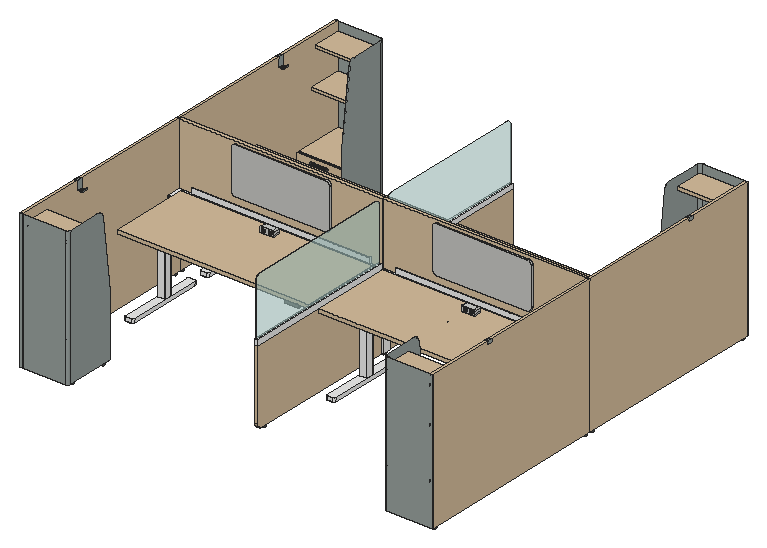
Revit family "Layout-Teknion-Expansion_Cityline_Height_Adjustable_Workstation_09-R2021", category Furniture Systems, Revit 2021 (continued)
Definition of nested family "Worksurface-Teknion-JNXRW_hiSpace_Rectangular_Worksurface_With_Quick_Connect_Kit-R2021"
  Types (10): name | Width Configuration Distance | Width | User Optimized Width (Accessory Restriction) | Standard Width | Standard | Square Cut-Out - Distance | SR - Square Cut-Out - Right | SL - Square Cut-Out - Left | SC - Square Cut-Out - Center | Node - Cut-Out Right | Node - Cut-Out Left | Node - Cut-Out Center | NN - None | Model | Masking Region - Standard Corner, DC | Masking Region - Curved Corner, SR | Masking Region - Curved Corner, SL | Masking Region - Curved Corner, SC | Masking Region - Curved Corner, NN | Masking Region - Curved Corner, DR | Masking Region - Curved Corner, DL | Masking Region - Curved Corner, CR | Masking Region - Curved Corner, CL | Grommet - Square Right | Grommet - Square Left | Grommet - Square Center | Description | DR - Diamond Cut-Out - Right | DL - Diamond Cut-Out - Left | DC - Diamond Cut-Out - Center | Cut-Out - Square Right | Cut-Out - Square Left | Cut-Out - Square Center | Cut-Out - Diamond Right | Cut-Out - Diamond Left | Cut-Out - Diamond Center | Curved | CR - Diamond & Square Cut-Outs - Right | CL - Diamond & Square Cut-Outs - Left | Available Width | Available Depth
    Diamond Cut-Out - Center | 1.110" | 52.000" | yes | no | yes | 15.553" | no | no | no | no | no | yes | no | "JNXRWCC____DC" | yes | no | no | no | no | no | no | no | no | no | no | no | "hiSpace Rectangular Worksurface With Quick Connect Kit - C-Legs Leg Application, Diamond Cut-Out - Center Cut-Out Style" | no | no | yes | 0.500" | 0.500" | 0.500" | 0.500" | 0.500" | 10.000" | no | no | no | "46, 52, 55, 58, 61, 64, 67 & 70 Inch" | "23 & 29 Inch"
    Diamond Cut-Out - Left | 4.110" | 52.000" | no | yes | no | 15.553" | no | no | no | no | yes | no | no | "JNXRWCC____DL" | no | no | no | no | no | no | yes | no | no | no | no | no | "hiSpace Rectangular Worksurface With Quick Connect Kit - C-Legs Leg Application, Diamond Cut-Out - Left Cut-Out Style" | no | yes | no | 0.500" | 0.500" | 0.500" | 0.500" | 10.000" | 0.500" | yes | no | no | "46, 49, 52, 55, 58, 61, 64, 67 & 70 Inch" | "23 & 29 Inch. Depth 23 Inch not Available for Width 46."
    Diamond Cut-Out - Right | 4.110" | 52.000" | no | yes | no | 15.553" | no | no | no | yes | no | no | no | "JNXRWCC____DR" | no | no | no | no | no | yes | no | no | no | no | no | no | "hiSpace Rectangular Worksurface With Quick Connect Kit - C-Legs Leg Application, Diamond Cut-Out - Right Cut-Out Style" | yes | no | no | 0.500" | 0.500" | 0.500" | 10.000" | 0.500" | 0.500" | yes | no | no | "46, 49, 52, 55, 58, 61, 64, 67 & 70 Inch" | "23 & 29 Inch. Depth 23 Inch not Available for Width 46."
    None Cut-Out | 4.110" | 52.000" | no | yes | no | 15.553" | no | no | no | no | no | no | yes | "JNXRWCC____NN" | no | no | no | no | yes | no | no | no | no | no | no | no | "hiSpace Rectangular Worksurface With Quick Connect Kit - C-Legs Leg Application, None Cut-Out Style" | no | no | no | 0.500" | 0.500" | 0.500" | 0.500" | 0.500" | 0.500" | yes | no | no | "46, 49, 52, 55, 58, 61, 64, 67 & 70 Inch" | "23 & 29 Inch"
    Square Cut-Out - Center | 4.110" | 52.000" | no | yes | no | 15.553" | no | no | yes | no | no | yes | no | "JNXRWCC____SC" | no | no | no | yes | no | no | no | no | no | no | no | yes | "hiSpace Rectangular Worksurface With Quick Connect Kit - C-Legs Leg Application, Square Cut-Out - Center Cut-Out Style" | no | no | no | 0.500" | 0.500" | 10.000" | 0.500" | 0.500" | 0.500" | yes | no | no | "46, 49, 52, 55, 58, 61, 64, 67 & 70 Inch" | "23 & 29 Inch"
    Square Cut-Out - Left | 4.110" | 46.000" | no | yes | no | 14.053" | no | yes | no | no | yes | no | no | "JNXRWCC____SL" | no | no | yes | no | no | no | no | no | no | no | yes | no | "hiSpace Rectangular Worksurface With Quick Connect Kit - C-Legs Leg Application, Square Cut-Out - Left Cut-Out Style" | no | no | no | 0.500" | 10.000" | 0.500" | 0.500" | 0.500" | 0.500" | yes | no | no | "46, 49, 52, 55, 58, 61, 64, 67 & 70 Inch" | "23 & 29 Inch"
    Square Cut-Out - Right | 4.110" | 52.000" | no | yes | no | 15.553" | yes | no | no | yes | no | no | no | "JNXRWCC____SR" | no | yes | no | no | no | no | no | no | no | yes | no | no | "hiSpace Rectangular Worksurface With Quick Connect Kit - C-Legs Leg Application, Square Cut-Out - Right Cut-Out Style" | no | no | no | 10.000" | 0.500" | 0.500" | 0.500" | 0.500" | 0.500" | yes | no | no | "46, 49, 52, 55, 58, 61, 64, 67 & 70 Inch" | "23 & 29 Inch"
  Reference planes (in)
    plane 1 "Center Front/Back": y = 0
    plane 2: z = 0
    plane 3 "Center Left/Right": x = 0
    plane 4 "Left": x = -26
    plane 5 "Right": x = 26
    plane 6 "Back": y = 11.5
    plane 7 "Front": y = -11.5
    plane 8 "Top": z = 29
    plane 9: x = -21.89
    plane 10: x = 21.89
    plane 11: z = 27.81102
  Forms (in)
    Sweep 1, solid, material <- "Worksurface Finish", visible <- "Standard"
      path origin (0, 0, 0) x (1, 0, 0) y (0, 0, 1)
        loop
          line (0, 29) -> (0, 27.81102)
      profile origin (0, 0, 28.40551) x (0, -1, 0) y (1, 0, 0)
        loop
          line (-11.5, -26) -> (11.5, -26) -> (11.5, 26) -> (-11.5, 26) -> (-11.5, -26)
    Sweep 2, solid, material <- "Frame Finish"
      path origin (0, 0, 0) x (1, 0, 0) y (0, 1, 0)
        loop
          line (20.55118, 0) -> (-20.55118, 0)
      profile origin (0, 0, 0) x (0, -1, 0) y (0, 0, 1)
        loop
          line (1.34638, 27.69291) -> (2.09441, 27.69291) -> (2.09441, 27.81102) -> (1.22827, 27.81102) -> (1.22827, 26.70866) -> (1.34638, 26.70866) -> (1.34638, 27.69291)
        loop
          line (-5.10638, 26.70866) -> (-4.98827, 26.70866) -> (-4.98827, 27.81102) -> (-5.85441, 27.81102) -> (-5.85441, 27.69291) -> (-5.10638, 27.69291) -> (-5.10638, 26.70866)
    Sweep 3, solid, material <- "Frame Finish"
      path origin (0, 0, 0) x (1, 0, 0) y (0, 1, 0)
        loop
          line (0, 9.75402) -> (0, -5.99402)
      profile origin (0, 1.88, 0) x (1, 0, 0) y (0, 0, 1)
        loop
          line (-21.77189, 27.69291) -> (-20.61047, 27.69291) -> (-20.61047, 27.81102) -> (-21.89, 27.81102) -> (-21.89, 26.59055) -> (-21.77189, 26.59055) -> (-21.77189, 27.69291)
        loop
          line (21.77189, 27.69291) -> (21.77189, 26.59055) -> (21.89, 26.59055) -> (21.89, 27.81102) -> (20.61047, 27.81102) -> (20.61047, 27.69291) -> (21.77189, 27.69291)
    Sweep 4, solid, material <- "Frame Finish"
      path origin (0, 0, 0) x (1, 0, 0) y (0, 1, 0)
        loop
          line (-9.17346, 0) -> (-20.61047, 0)
      profile origin (-14.89197, 0, 0) x (0, -1, 0) y (0, 0, 1)
        loop
          line (0.03929, 26.62205) -> (1.22827, 26.62205) -> (1.22827, 27.81102) -> (0.03929, 27.81102) -> (0.03929, 26.62205)
        loop
          line (-4.98827, 26.62205) -> (-3.79929, 26.62205) -> (-3.79929, 27.81102) -> (-4.98827, 27.81102) -> (-4.98827, 26.62205)
    Sweep 5, solid, material <- "Frame Finish"
      path origin (0, 0, 0) x (1, 0, 0) y (0, 1, 0)
        loop
          line (9.17346, 0) -> (20.61047, 0)
      profile origin (14.89197, 0, 0) x (0, 1, 0) y (0, 0, 1)
        loop
          line (-0.03929, 26.62205) -> (-0.03929, 27.81102) -> (-1.22827, 27.81102) -> (-1.22827, 26.62205) -> (-0.03929, 26.62205)
        loop
          line (3.79929, 26.62205) -> (4.98827, 26.62205) -> (4.98827, 27.81102) -> (3.79929, 27.81102) -> (3.79929, 26.62205)
    Sweep 6, solid, material <- "Frame Finish"
      path origin (0, 0, 0) x (1, 0, 0) y (0, 0, 1)
        loop
          line (0, 27.69291) -> (0, 27.81102)
      profile origin (0, 0, 27.75197) x (-1, 0, 0) y (0, -1, 0)
        loop
          line (11.92937, -3.79929) -> (11.92937, 0.03929) -> (10.74827, 0.03929) -> (10.74827, -0.80414)
          arc (10.74827, -0.80414) -> (11.31913, -1.88) -> (10.74827, -2.95586) r 1.29921
          line (10.74827, -2.95586) -> (10.74827, -3.79929) -> (11.92937, -3.79929)
        loop
          line (-11.92937, 0.03929) -> (-11.92937, -3.79929) -> (-10.74827, -3.79929) -> (-10.74827, -2.95586)
          arc (-10.74827, -2.95586) -> (-11.31913, -1.88) -> (-10.74827, -0.80414) r 1.29921
          line (-10.74827, -0.80414) -> (-10.74827, 0.03929) -> (-11.92937, 0.03929)
    Sweep 7, solid, material <- "Worksurface Finish", visible <- "Curved"
      path origin (0, 0, 0) x (1, 0, 0) y (0, 0, 1)
        loop
          line (0, 29) -> (0, 27.81102)
      profile origin (0, 0, 28.40551) x (0, -1, 0) y (1, 0, 0)
        loop
          line (-8.62598, -26) -> (8.62598, -26)
          arc (8.62598, -26) -> (10.65822, -25.15822) -> (11.5, -23.12598) r 2.87402
          line (11.5, -23.12598) -> (11.5, 23.12598)
          arc (11.5, 23.12598) -> (10.65822, 25.15822) -> (8.62598, 26) r 2.87402
          line (8.62598, 26) -> (-8.62598, 26)
          arc (-8.62598, 26) -> (-10.65822, 25.15822) -> (-11.5, 23.12598) r 2.87402
          line (-11.5, 23.12598) -> (-11.5, -23.12598)
          arc (-11.5, -23.12598) -> (-10.65822, -25.15822) -> (-8.62598, -26) r 2.87402
    Sweep 8, void
      path origin (0, 0, 0) x (1, 0, 0) y (0, 0, 1)
        loop
          line (0, 33) -> (0, 32.5)
      profile origin (0, 0, 32.75) x (0, -1, 0) y (1, 0, 0)
        loop
          arc (-8.58465, 10.447) -> (-8.83965, 10.34137) -> (-8.94528, 10.08637) r 0.36063
          line (-8.94528, 10.08637) -> (-8.94528, 8.91314)
          arc (-8.94528, 8.91314) -> (-8.83965, 8.65814) -> (-8.58465, 8.55251) r 0.36063
          line (-8.58465, 8.55251) -> (-7.41142, 8.55251)
          arc (-7.41142, 8.55251) -> (-7.15641, 8.65814) -> (-7.05079, 8.91314) r 0.36063
          line (-7.05079, 8.91314) -> (-7.05079, 10.08637)
          arc (-7.05079, 10.08637) -> (-7.15641, 10.34137) -> (-7.41142, 10.447) r 0.36063
          line (-7.41142, 10.447) -> (-8.58465, 10.447)
    Sweep 9, void
      path origin (0, 0, 0) x (1, 0, 0) y (0, 0, 1)
        loop
          line (0, 33) -> (0, 23)
      profile origin (0, 0, 28) x (0, -1, 0) y (1, 0, 0)
        loop
          line (-7.41142, -8.55251) -> (-8.58465, -8.55251)
          arc (-8.58465, -8.55251) -> (-8.83965, -8.65814) -> (-8.94528, -8.91314) r 0.36063
          line (-8.94528, -8.91314) -> (-8.94528, -10.08637)
          arc (-8.94528, -10.08637) -> (-8.83965, -10.34137) -> (-8.58465, -10.447) r 0.36063
          line (-8.58465, -10.447) -> (-7.41142, -10.447)
          arc (-7.41142, -10.447) -> (-7.15641, -10.34137) -> (-7.05079, -10.08637) r 0.36063
          line (-7.05079, -10.08637) -> (-7.05079, -8.91314)
          arc (-7.05079, -8.91314) -> (-7.15641, -8.65814) -> (-7.41142, -8.55251) r 0.36063
    Sweep 10, void
      path origin (0, 0, 0) x (1, 0, 0) y (0, 0, 1)
        loop
          line (0, 33) -> (0, 32.5)
      profile origin (0, 0, 32.75) x (0, -1, 0) y (1, 0, 0)
        loop
          arc (-8.58465, 0.94724) -> (-8.83965, 0.84162) -> (-8.94528, 0.58661) r 0.36063
          line (-8.94528, 0.58661) -> (-8.94528, -0.58661)
          arc (-8.94528, -0.58661) -> (-8.83965, -0.84162) -> (-8.58465, -0.94724) r 0.36063
          line (-8.58465, -0.94724) -> (-7.41142, -0.94724)
          arc (-7.41142, -0.94724) -> (-7.15641, -0.84162) -> (-7.05079, -0.58661) r 0.36063
          line (-7.05079, -0.58661) -> (-7.05079, 0.58661)
          arc (-7.05079, 0.58661) -> (-7.15641, 0.84162) -> (-7.41142, 0.94724) r 0.36063
          line (-7.41142, 0.94724) -> (-8.58465, 0.94724)
    Sweep 11, solid, visible <- "Grommet - Square Center"
      path origin (0, 0, 0) x (1, 0, 0) y (0, 0, 1)
        loop
          line (0, 29) -> (0, 27.44488)
      profile origin (0, 0, 28.22244) x (0, -1, 0) y (1, 0, 0)
        loop
          arc (-8.87441, -0.58661) -> (-8.78954, -0.79151) -> (-8.58465, -0.87638) r 0.28976
          line (-8.58465, -0.87638) -> (-7.41142, -0.87638)
          arc (-7.41142, -0.87638) -> (-7.20652, -0.79151) -> (-7.12165, -0.58661) r 0.28976
          line (-7.12165, -0.58661) -> (-7.12165, 0.58661)
          arc (-7.12165, 0.58661) -> (-7.20652, 0.79151) -> (-7.41142, 0.87638) r 0.28976
          line (-7.41142, 0.87638) -> (-8.58465, 0.87638)
          arc (-8.58465, 0.87638) -> (-8.78954, 0.79151) -> (-8.87441, 0.58661) r 0.28976
          line (-8.87441, 0.58661) -> (-8.87441, -0.58661)
        loop
          arc (-8.94528, -0.58661) -> (-8.83965, -0.84162) -> (-8.58465, -0.94724) r 0.36063
          line (-8.58465, -0.94724) -> (-7.41142, -0.94724)
          arc (-7.41142, -0.94724) -> (-7.15641, -0.84162) -> (-7.05079, -0.58661) r 0.36063
          line (-7.05079, -0.58661) -> (-7.05079, 0.58661)
          arc (-7.05079, 0.58661) -> (-7.15641, 0.84162) -> (-7.41142, 0.94724) r 0.36063
          line (-7.41142, 0.94724) -> (-8.58465, 0.94724)
          arc (-8.58465, 0.94724) -> (-8.83965, 0.84162) -> (-8.94528, 0.58661) r 0.36063
          line (-8.94528, 0.58661) -> (-8.94528, -0.58661)
    Sweep 12, solid, visible <- "Grommet - Square Right"
      path origin (0, 0, 0) x (1, 0, 0) y (0, 0, 1)
        loop
          line (26, 27.44488) -> (26, 29)
      profile origin (26, 0, 28.22244) x (-1, 0, 0) y (0, -1, 0)
        loop
          arc (17.08686, -8.87441) -> (17.29175, -8.78954) -> (17.37662, -8.58465) r 0.28976
          line (17.37662, -8.58465) -> (17.37662, -7.41142)
          arc (17.37662, -7.41142) -> (17.29175, -7.20652) -> (17.08686, -7.12165) r 0.28976
          line (17.08686, -7.12165) -> (15.91363, -7.12165)
          arc (15.91363, -7.12165) -> (15.70874, -7.20652) -> (15.62387, -7.41142) r 0.28976
          line (15.62387, -7.41142) -> (15.62387, -8.58465)
          arc (15.62387, -8.58465) -> (15.70874, -8.78954) -> (15.91363, -8.87441) r 0.28976
          line (15.91363, -8.87441) -> (17.08686, -8.87441)
        loop
          line (15.91363, -8.94528) -> (17.08686, -8.94528)
          arc (17.08686, -8.94528) -> (17.34186, -8.83965) -> (17.44749, -8.58465) r 0.36063
          line (17.44749, -8.58465) -> (17.44749, -7.41142)
          arc (17.44749, -7.41142) -> (17.34186, -7.15641) -> (17.08686, -7.05079) r 0.36063
          line (17.08686, -7.05079) -> (15.91363, -7.05079)
          arc (15.91363, -7.05079) -> (15.65863, -7.15641) -> (15.553, -7.41142) r 0.36063
          line (15.553, -7.41142) -> (15.553, -8.58465)
          arc (15.553, -8.58465) -> (15.65863, -8.83965) -> (15.91363, -8.94528) r 0.36063
    Sweep 13, solid, visible <- "Grommet - Square Left"
      path origin (0, 0, 0) x (1, 0, 0) y (0, 0, 1)
        loop
          line (-26, 27.44488) -> (-26, 29)
      profile origin (-26, 0, 28.22244) x (-1, 0, 0) y (0, -1, 0)
        loop
          arc (-15.91363, -8.87441) -> (-15.70874, -8.78954) -> (-15.62387, -8.58465) r 0.28976
          line (-15.62387, -8.58465) -> (-15.62387, -7.41142)
          arc (-15.62387, -7.41142) -> (-15.70874, -7.20652) -> (-15.91363, -7.12165) r 0.28976
          line (-15.91363, -7.12165) -> (-17.08686, -7.12165)
          arc (-17.08686, -7.12165) -> (-17.29175, -7.20652) -> (-17.37662, -7.41142) r 0.28976
          line (-17.37662, -7.41142) -> (-17.37662, -8.58465)
          arc (-17.37662, -8.58465) -> (-17.29175, -8.78954) -> (-17.08686, -8.87441) r 0.28976
          line (-17.08686, -8.87441) -> (-15.91363, -8.87441)
        loop
          line (-17.08686, -8.94528) -> (-15.91363, -8.94528)
          arc (-15.91363, -8.94528) -> (-15.65863, -8.83965) -> (-15.553, -8.58465) r 0.36063
          line (-15.553, -8.58465) -> (-15.553, -7.41142)
          arc (-15.553, -7.41142) -> (-15.65863, -7.15641) -> (-15.91363, -7.05079) r 0.36063
          line (-15.91363, -7.05079) -> (-17.08686, -7.05079)
          arc (-17.08686, -7.05079) -> (-17.34186, -7.15641) -> (-17.44749, -7.41142) r 0.36063
          line (-17.44749, -7.41142) -> (-17.44749, -8.58465)
          arc (-17.44749, -8.58465) -> (-17.34186, -8.83965) -> (-17.08686, -8.94528) r 0.36063
    Sweep 14, void
      path origin (0, 0, 0) x (1, 0, 0) y (0, 0, 1)
        loop
          line (0, 34) -> (0, 24)
      profile origin (0, 0, 29) x (0, -1, 0) y (1, 0, 0)
        loop
          arc (-9.02424, 0.29194) -> (-9.06496, 0) -> (-9.02424, -0.29194) r 1.06693
          line (-9.02424, -0.29194) -> (-8.49788, -2.1422)
          arc (-8.49788, -2.1422) -> (-7.99803, -2.51969) -> (-7.49818, -2.1422) r 0.51969
          line (-7.49818, -2.1422) -> (-6.97182, -0.29194)
          arc (-6.97182, -0.29194) -> (-6.9311, 0) -> (-6.97182, 0.29194) r 1.06693
          line (-6.97182, 0.29194) -> (-7.49818, 2.1422)
          arc (-7.49818, 2.1422) -> (-7.99803, 2.51969) -> (-8.49788, 2.1422) r 0.51969
          line (-8.49788, 2.1422) -> (-9.02424, 0.29194)
    Sweep 15, void
      path origin (0, 0, 0) x (1, 0, 0) y (0, 0, 1)
        loop
          line (0, 34) -> (0, 33.5)
      profile origin (0, 0, 33.75) x (0, -1, 0) y (1, 0, 0)
        loop
          line (-9.02424, -9.79174) -> (-8.49788, -11.642)
          arc (-8.49788, -11.642) -> (-7.99803, -12.01949) -> (-7.49818, -11.642) r 0.51969
          line (-7.49818, -11.642) -> (-6.97182, -9.79174)
          arc (-6.97182, -9.79174) -> (-6.9311, -9.4998) -> (-6.97182, -9.20787) r 1.06693
          line (-6.97182, -9.20787) -> (-7.49818, -7.35761)
          arc (-7.49818, -7.35761) -> (-7.99803, -6.98012) -> (-8.49788, -7.35761) r 0.51969
          line (-8.49788, -7.35761) -> (-9.02424, -9.20787)
          arc (-9.02424, -9.20787) -> (-9.06496, -9.4998) -> (-9.02424, -9.79174) r 1.06693
    Sweep 16, void
      path origin (0, 0, 0) x (1, 0, 0) y (0, 0, 1)
        loop
          line (0, 34) -> (0, 33.5)
      profile origin (0, 0, 33.75) x (0, -1, 0) y (1, 0, 0)
        loop
          arc (-9.02424, 9.79174) -> (-9.06496, 9.4998) -> (-9.02424, 9.20787) r 1.06693
          line (-9.02424, 9.20787) -> (-8.49788, 7.35761)
          arc (-8.49788, 7.35761) -> (-7.99803, 6.98012) -> (-7.49818, 7.35761) r 0.51969
          line (-7.49818, 7.35761) -> (-6.97182, 9.20787)
          arc (-6.97182, 9.20787) -> (-6.9311, 9.4998) -> (-6.97182, 9.79174) r 1.06693
          line (-6.97182, 9.79174) -> (-7.49818, 11.642)
          arc (-7.49818, 11.642) -> (-7.99803, 12.01949) -> (-8.49788, 11.642) r 0.51969
          line (-8.49788, 11.642) -> (-9.02424, 9.79174)
  Cuts and joins
    Sweep 8, Sweep 9, Sweep 10, Sweep 14, Sweep 15, Sweep 16 cuts Sweep 7
    Sweep 8, Sweep 9, Sweep 10, Sweep 14, Sweep 15, Sweep 16 cuts Sweep 1
  Lines and regions (in)
    Masking region 1, visible <- "Masking Region - Standard Corner, NN"
      outline origin (0, 0, 0) x (1, 0, 0) y (0, 1, 0)
        loop
          line (26, 11.5) -> (-26, 11.5) -> (-26, -11.5) -> (26, -11.5) -> (26, 11.5)
    Masking region 2, visible <- "Masking Region - Curved Corner, NN"
      outline origin (0, 0, 0) x (1, 0, 0) y (0, 1, 0)
        loop
          arc (-23.12598, 11.5) -> (-25.15822, 10.65822) -> (-26, 8.62598) r 2.87402
          line (-26, 8.62598) -> (-26, -8.62598)
          arc (-26, -8.62598) -> (-25.15822, -10.65822) -> (-23.12598, -11.5) r 2.87402
          line (-23.12598, -11.5) -> (23.12598, -11.5)
          arc (23.12598, -11.5) -> (25.15822, -10.65822) -> (26, -8.62598) r 2.87402
          line (26, -8.62598) -> (26, 8.62598)
          arc (26, 8.62598) -> (25.15822, 10.65822) -> (23.12598, 11.5) r 2.87402
          line (23.12598, 11.5) -> (-23.12598, 11.5)
    Masking region 3, visible <- "Masking Region - Standard Corner, SC"
      outline origin (0, 0, 0) x (1, 0, 0) y (0, 1, 0)
        loop
          line (26, 11.5) -> (-26, 11.5) -> (-26, -11.5) -> (26, -11.5) -> (26, 11.5)
        loop
          arc (-0.58661, 8.87441) -> (-0.79151, 8.78954) -> (-0.87638, 8.58465) r 0.28976
          line (-0.87638, 8.58465) -> (-0.87638, 7.41142)
          arc (-0.87638, 7.41142) -> (-0.79151, 7.20652) -> (-0.58661, 7.12165) r 0.28976
          line (-0.58661, 7.12165) -> (0.58661, 7.12165)
          arc (0.58661, 7.12165) -> (0.79151, 7.20652) -> (0.87638, 7.41142) r 0.28976
          line (0.87638, 7.41142) -> (0.87638, 8.58465)
          arc (0.87638, 8.58465) -> (0.79151, 8.78954) -> (0.58661, 8.87441) r 0.28976
          line (0.58661, 8.87441) -> (-0.58661, 8.87441)
    Masking region 4, visible <- "Masking Region - Curved Corner, SC"
      outline origin (0, 0, 0) x (1, 0, 0) y (0, 1, 0)
        loop
          arc (-23.12598, 11.5) -> (-25.15822, 10.65822) -> (-26, 8.62598) r 2.87402
          line (-26, 8.62598) -> (-26, -8.62598)
          arc (-26, -8.62598) -> (-25.15822, -10.65822) -> (-23.12598, -11.5) r 2.87402
          line (-23.12598, -11.5) -> (23.12598, -11.5)
          arc (23.12598, -11.5) -> (25.15822, -10.65822) -> (26, -8.62598) r 2.87402
          line (26, -8.62598) -> (26, 8.62598)
          arc (26, 8.62598) -> (25.15822, 10.65822) -> (23.12598, 11.5) r 2.87402
          line (23.12598, 11.5) -> (-23.12598, 11.5)
        loop
          arc (-0.58661, 8.87441) -> (-0.79151, 8.78954) -> (-0.87638, 8.58465) r 0.28976
          line (-0.87638, 8.58465) -> (-0.87638, 7.41142)
          arc (-0.87638, 7.41142) -> (-0.79151, 7.20652) -> (-0.58661, 7.12165) r 0.28976
          line (-0.58661, 7.12165) -> (0.58661, 7.12165)
          arc (0.58661, 7.12165) -> (0.79151, 7.20652) -> (0.87638, 7.41142) r 0.28976
          line (0.87638, 7.41142) -> (0.87638, 8.58465)
          arc (0.87638, 8.58465) -> (0.79151, 8.78954) -> (0.58661, 8.87441) r 0.28976
          line (0.58661, 8.87441) -> (-0.58661, 8.87441)
    Masking region 5, visible <- "Masking Region - Standard Corner, SL"
      outline origin (0, 0, 0) x (1, 0, 0) y (0, 1, 0)
        loop
          line (26, 11.5) -> (-26, 11.5) -> (-26, -11.5) -> (26, -11.5) -> (26, 11.5)
        loop
          arc (-10.08637, 8.87441) -> (-10.29126, 8.78954) -> (-10.37613, 8.58465) r 0.28976
          line (-10.37613, 8.58465) -> (-10.37613, 7.41142)
          arc (-10.37613, 7.41142) -> (-10.29126, 7.20652) -> (-10.08637, 7.12165) r 0.28976
          line (-10.08637, 7.12165) -> (-8.91314, 7.12165)
          arc (-8.91314, 7.12165) -> (-8.70825, 7.20652) -> (-8.62338, 7.41142) r 0.28976
          line (-8.62338, 7.41142) -> (-8.62338, 8.58465)
          arc (-8.62338, 8.58465) -> (-8.70825, 8.78954) -> (-8.91314, 8.87441) r 0.28976
          line (-8.91314, 8.87441) -> (-10.08637, 8.87441)
    Masking region 6, visible <- "Masking Region - Curved Corner, SL"
      outline origin (0, 0, 0) x (1, 0, 0) y (0, 1, 0)
        loop
          arc (-23.12598, 11.5) -> (-25.15822, 10.65822) -> (-26, 8.62598) r 2.87402
          line (-26, 8.62598) -> (-26, -8.62598)
          arc (-26, -8.62598) -> (-25.15822, -10.65822) -> (-23.12598, -11.5) r 2.87402
          line (-23.12598, -11.5) -> (23.12598, -11.5)
          arc (23.12598, -11.5) -> (25.15822, -10.65822) -> (26, -8.62598) r 2.87402
          line (26, -8.62598) -> (26, 8.62598)
          arc (26, 8.62598) -> (25.15822, 10.65822) -> (23.12598, 11.5) r 2.87402
          line (23.12598, 11.5) -> (-23.12598, 11.5)
        loop
          arc (-10.08637, 8.87441) -> (-10.29126, 8.78954) -> (-10.37613, 8.58465) r 0.28976
          line (-10.37613, 8.58465) -> (-10.37613, 7.41142)
          arc (-10.37613, 7.41142) -> (-10.29126, 7.20652) -> (-10.08637, 7.12165) r 0.28976
          line (-10.08637, 7.12165) -> (-8.91314, 7.12165)
          arc (-8.91314, 7.12165) -> (-8.70825, 7.20652) -> (-8.62338, 7.41142) r 0.28976
          line (-8.62338, 7.41142) -> (-8.62338, 8.58465)
          arc (-8.62338, 8.58465) -> (-8.70825, 8.78954) -> (-8.91314, 8.87441) r 0.28976
          line (-8.91314, 8.87441) -> (-10.08637, 8.87441)
    Masking region 7, visible <- "Masking Region - Standard Corner, SR"
      outline origin (0, 0, 0) x (1, 0, 0) y (0, 1, 0)
        loop
          line (26, 11.5) -> (-26, 11.5) -> (-26, -11.5) -> (26, -11.5) -> (26, 11.5)
        loop
          arc (8.91314, 8.87441) -> (8.70825, 8.78954) -> (8.62338, 8.58465) r 0.28976
          line (8.62338, 8.58465) -> (8.62338, 7.41142)
          arc (8.62338, 7.41142) -> (8.70825, 7.20652) -> (8.91314, 7.12165) r 0.28976
          line (8.91314, 7.12165) -> (10.08637, 7.12165)
          arc (10.08637, 7.12165) -> (10.29126, 7.20652) -> (10.37613, 7.41142) r 0.28976
          line (10.37613, 7.41142) -> (10.37613, 8.58465)
          arc (10.37613, 8.58465) -> (10.29126, 8.78954) -> (10.08637, 8.87441) r 0.28976
          line (10.08637, 8.87441) -> (8.91314, 8.87441)
    Masking region 8, visible <- "Masking Region - Curved Corner, SR"
      outline origin (0, 0, 0) x (1, 0, 0) y (0, 1, 0)
        loop
          arc (-23.12598, 11.5) -> (-25.15822, 10.65822) -> (-26, 8.62598) r 2.87402
          line (-26, 8.62598) -> (-26, -8.62598)
          arc (-26, -8.62598) -> (-25.15822, -10.65822) -> (-23.12598, -11.5) r 2.87402
          line (-23.12598, -11.5) -> (23.12598, -11.5)
          arc (23.12598, -11.5) -> (25.15822, -10.65822) -> (26, -8.62598) r 2.87402
          line (26, -8.62598) -> (26, 8.62598)
          arc (26, 8.62598) -> (25.15822, 10.65822) -> (23.12598, 11.5) r 2.87402
          line (23.12598, 11.5) -> (-23.12598, 11.5)
        loop
          arc (8.91314, 8.87441) -> (8.70825, 8.78954) -> (8.62338, 8.58465) r 0.28976
          line (8.62338, 8.58465) -> (8.62338, 7.41142)
          arc (8.62338, 7.41142) -> (8.70825, 7.20652) -> (8.91314, 7.12165) r 0.28976
          line (8.91314, 7.12165) -> (10.08637, 7.12165)
          arc (10.08637, 7.12165) -> (10.29126, 7.20652) -> (10.37613, 7.41142) r 0.28976
          line (10.37613, 7.41142) -> (10.37613, 8.58465)
          arc (10.37613, 8.58465) -> (10.29126, 8.78954) -> (10.08637, 8.87441) r 0.28976
          line (10.08637, 8.87441) -> (8.91314, 8.87441)
    Masking region 9, visible <- "Masking Region - Standard Corner, DC"
      outline origin (0, 0, 0) x (1, 0, 0) y (0, 1, 0)
        loop
          line (26, 11.5) -> (-26, 11.5) -> (-26, -11.5) -> (26, -11.5) -> (26, 11.5)
        loop
          line (-0.29194, 9.02424) -> (-2.1422, 8.49788)
          arc (-2.1422, 8.49788) -> (-2.51969, 7.99803) -> (-2.1422, 7.49818) r 0.51969
          line (-2.1422, 7.49818) -> (-0.29194, 6.97182)
          arc (-0.29194, 6.97182) -> (0, 6.9311) -> (0.29194, 6.97182) r 1.06693
          line (0.29194, 6.97182) -> (2.1422, 7.49818)
          arc (2.1422, 7.49818) -> (2.51969, 7.99803) -> (2.1422, 8.49788) r 0.51969
          line (2.1422, 8.49788) -> (0.29194, 9.02424)
          arc (0.29194, 9.02424) -> (0, 9.06496) -> (-0.29194, 9.02424) r 1.06693
    Masking region 10, visible <- "Masking Region - Curved Corner, DC"
      outline origin (0, 0, 0) x (1, 0, 0) y (0, 1, 0)
        loop
          arc (-23.12598, 11.5) -> (-25.15822, 10.65822) -> (-26, 8.62598) r 2.87402
          line (-26, 8.62598) -> (-26, -8.62598)
          arc (-26, -8.62598) -> (-25.15822, -10.65822) -> (-23.12598, -11.5) r 2.87402
          line (-23.12598, -11.5) -> (23.12598, -11.5)
          arc (23.12598, -11.5) -> (25.15822, -10.65822) -> (26, -8.62598) r 2.87402
          line (26, -8.62598) -> (26, 8.62598)
          arc (26, 8.62598) -> (25.15822, 10.65822) -> (23.12598, 11.5) r 2.87402
          line (23.12598, 11.5) -> (-23.12598, 11.5)
        loop
          line (-2.1422, 7.49818) -> (-0.29194, 6.97182)
          arc (-0.29194, 6.97182) -> (0, 6.9311) -> (0.29194, 6.97182) r 1.06693
          line (0.29194, 6.97182) -> (2.1422, 7.49818)
          arc (2.1422, 7.49818) -> (2.51969, 7.99803) -> (2.1422, 8.49788) r 0.51969
          line (2.1422, 8.49788) -> (0.29194, 9.02424)
          arc (0.29194, 9.02424) -> (0, 9.06496) -> (-0.29194, 9.02424) r 1.06693
          line (-0.29194, 9.02424) -> (-2.1422, 8.49788)
          arc (-2.1422, 8.49788) -> (-2.51969, 7.99803) -> (-2.1422, 7.49818) r 0.51969
    Masking region 11, visible <- "Masking Region - Standard Corner, DL"
      outline origin (0, 0, 0) x (1, 0, 0) y (0, 1, 0)
        loop
          line (26, 11.5) -> (-26, 11.5) -> (-26, -11.5) -> (26, -11.5) -> (26, 11.5)
        loop
          line (-9.79174, 9.02424) -> (-11.642, 8.49788)
          arc (-11.642, 8.49788) -> (-12.01949, 7.99803) -> (-11.642, 7.49818) r 0.51969
          line (-11.642, 7.49818) -> (-9.79174, 6.97182)
          arc (-9.79174, 6.97182) -> (-9.4998, 6.9311) -> (-9.20787, 6.97182) r 1.06693
          line (-9.20787, 6.97182) -> (-7.35761, 7.49818)
          arc (-7.35761, 7.49818) -> (-6.98012, 7.99803) -> (-7.35761, 8.49788) r 0.51969
          line (-7.35761, 8.49788) -> (-9.20787, 9.02424)
          arc (-9.20787, 9.02424) -> (-9.4998, 9.06496) -> (-9.79174, 9.02424) r 1.06693
    Masking region 12, visible <- "Masking Region - Curved Corner, DL"
      outline origin (0, 0, 0) x (1, 0, 0) y (0, 1, 0)
        loop
          arc (-23.12598, 11.5) -> (-25.15822, 10.65822) -> (-26, 8.62598) r 2.87402
          line (-26, 8.62598) -> (-26, -8.62598)
          arc (-26, -8.62598) -> (-25.15822, -10.65822) -> (-23.12598, -11.5) r 2.87402
          line (-23.12598, -11.5) -> (23.12598, -11.5)
          arc (23.12598, -11.5) -> (25.15822, -10.65822) -> (26, -8.62598) r 2.87402
          line (26, -8.62598) -> (26, 8.62598)
          arc (26, 8.62598) -> (25.15822, 10.65822) -> (23.12598, 11.5) r 2.87402
          line (23.12598, 11.5) -> (-23.12598, 11.5)
        loop
          line (-9.79174, 9.02424) -> (-11.642, 8.49788)
          arc (-11.642, 8.49788) -> (-12.01949, 7.99803) -> (-11.642, 7.49818) r 0.51969
          line (-11.642, 7.49818) -> (-9.79174, 6.97182)
          arc (-9.79174, 6.97182) -> (-9.4998, 6.9311) -> (-9.20787, 6.97182) r 1.06693
          line (-9.20787, 6.97182) -> (-7.35761, 7.49818)
          arc (-7.35761, 7.49818) -> (-6.98012, 7.99803) -> (-7.35761, 8.49788) r 0.51969
          line (-7.35761, 8.49788) -> (-9.20787, 9.02424)
          arc (-9.20787, 9.02424) -> (-9.4998, 9.06496) -> (-9.79174, 9.02424) r 1.06693
    Masking region 13, visible <- "Masking Region - Standard Corner, DR"
      outline origin (0, 0, 0) x (1, 0, 0) y (0, 1, 0)
        loop
          line (26, 11.5) -> (-26, 11.5) -> (-26, -11.5) -> (26, -11.5) -> (26, 11.5)
        loop
          line (9.79174, 6.97182) -> (11.642, 7.49818)
          arc (11.642, 7.49818) -> (12.01949, 7.99803) -> (11.642, 8.49788) r 0.51969
          line (11.642, 8.49788) -> (9.79174, 9.02424)
          arc (9.79174, 9.02424) -> (9.4998, 9.06496) -> (9.20787, 9.02424) r 1.06693
          line (9.20787, 9.02424) -> (7.35761, 8.49788)
          arc (7.35761, 8.49788) -> (6.98012, 7.99803) -> (7.35761, 7.49818) r 0.51969
          line (7.35761, 7.49818) -> (9.20787, 6.97182)
          arc (9.20787, 6.97182) -> (9.4998, 6.9311) -> (9.79174, 6.97182) r 1.06693
    Masking region 14, visible <- "Masking Region - Curved Corner, DR"
      outline origin (0, 0, 0) x (1, 0, 0) y (0, 1, 0)
        loop
          arc (26, 8.62598) -> (25.15822, 10.65822) -> (23.12598, 11.5) r 2.87402
          line (23.12598, 11.5) -> (-23.12598, 11.5)
          arc (-23.12598, 11.5) -> (-25.15822, 10.65822) -> (-26, 8.62598) r 2.87402
          line (-26, 8.62598) -> (-26, -8.62598)
          arc (-26, -8.62598) -> (-25.15822, -10.65822) -> (-23.12598, -11.5) r 2.87402
          line (-23.12598, -11.5) -> (23.12598, -11.5)
          arc (23.12598, -11.5) -> (25.15822, -10.65822) -> (26, -8.62598) r 2.87402
          line (26, -8.62598) -> (26, 8.62598)
        loop
          arc (7.35761, 8.49788) -> (6.98012, 7.99803) -> (7.35761, 7.49818) r 0.51969
          line (7.35761, 7.49818) -> (9.20787, 6.97182)
          arc (9.20787, 6.97182) -> (9.4998, 6.9311) -> (9.79174, 6.97182) r 1.06693
          line (9.79174, 6.97182) -> (11.642, 7.49818)
          arc (11.642, 7.49818) -> (12.01949, 7.99803) -> (11.642, 8.49788) r 0.51969
          line (11.642, 8.49788) -> (9.79174, 9.02424)
          arc (9.79174, 9.02424) -> (9.4998, 9.06496) -> (9.20787, 9.02424) r 1.06693
          line (9.20787, 9.02424) -> (7.35761, 8.49788)
    Masking region 15, visible <- "Masking Region - Standard Corner, CL"
      outline origin (0, 0, 0) x (1, 0, 0) y (0, 1, 0)
        loop
          line (26, 11.5) -> (-26, 11.5) -> (-26, -11.5) -> (26, -11.5) -> (26, 11.5)
        loop
          line (0.29194, 6.97182) -> (2.1422, 7.49818)
          arc (2.1422, 7.49818) -> (2.51969, 7.99803) -> (2.1422, 8.49788) r 0.51969
          line (2.1422, 8.49788) -> (0.29194, 9.02424)
          arc (0.29194, 9.02424) -> (0, 9.06496) -> (-0.29194, 9.02424) r 1.06693
          line (-0.29194, 9.02424) -> (-2.1422, 8.49788)
          arc (-2.1422, 8.49788) -> (-2.51969, 7.99803) -> (-2.1422, 7.49818) r 0.51969
          line (-2.1422, 7.49818) -> (-0.29194, 6.97182)
          arc (-0.29194, 6.97182) -> (0, 6.9311) -> (0.29194, 6.97182) r 1.06693
        loop
          arc (-10.37613, 7.41142) -> (-10.29126, 7.20652) -> (-10.08637, 7.12165) r 0.28976
          line (-10.08637, 7.12165) -> (-8.91314, 7.12165)
          arc (-8.91314, 7.12165) -> (-8.70825, 7.20652) -> (-8.62338, 7.41142) r 0.28976
          line (-8.62338, 7.41142) -> (-8.62338, 8.58465)
          arc (-8.62338, 8.58465) -> (-8.70825, 8.78954) -> (-8.91314, 8.87441) r 0.28976
          line (-8.91314, 8.87441) -> (-10.08637, 8.87441)
          arc (-10.08637, 8.87441) -> (-10.29126, 8.78954) -> (-10.37613, 8.58465) r 0.28976
          line (-10.37613, 8.58465) -> (-10.37613, 7.41142)
    Masking region 16, visible <- "Masking Region - Curved Corner, CL"
      outline origin (0, 0, 0) x (1, 0, 0) y (0, 1, 0)
        loop
          arc (-23.12598, 11.5) -> (-25.15822, 10.65822) -> (-26, 8.62598) r 2.87402
          line (-26, 8.62598) -> (-26, -8.62598)
          arc (-26, -8.62598) -> (-25.15822, -10.65822) -> (-23.12598, -11.5) r 2.87402
          line (-23.12598, -11.5) -> (23.12598, -11.5)
          arc (23.12598, -11.5) -> (25.15822, -10.65822) -> (26, -8.62598) r 2.87402
          line (26, -8.62598) -> (26, 8.62598)
          arc (26, 8.62598) -> (25.15822, 10.65822) -> (23.12598, 11.5) r 2.87402
          line (23.12598, 11.5) -> (-23.12598, 11.5)
        loop
          arc (-10.08637, 8.87441) -> (-10.29126, 8.78954) -> (-10.37613, 8.58465) r 0.28976
          line (-10.37613, 8.58465) -> (-10.37613, 7.41142)
          arc (-10.37613, 7.41142) -> (-10.29126, 7.20652) -> (-10.08637, 7.12165) r 0.28976
          line (-10.08637, 7.12165) -> (-8.91314, 7.12165)
          arc (-8.91314, 7.12165) -> (-8.70825, 7.20652) -> (-8.62338, 7.41142) r 0.28976
          line (-8.62338, 7.41142) -> (-8.62338, 8.58465)
          arc (-8.62338, 8.58465) -> (-8.70825, 8.78954) -> (-8.91314, 8.87441) r 0.28976
          line (-8.91314, 8.87441) -> (-10.08637, 8.87441)
        loop
          line (2.1422, 8.49788) -> (0.29194, 9.02424)
          arc (0.29194, 9.02424) -> (0, 9.06496) -> (-0.29194, 9.02424) r 1.06693
          line (-0.29194, 9.02424) -> (-2.1422, 8.49788)
          arc (-2.1422, 8.49788) -> (-2.51969, 7.99803) -> (-2.1422, 7.49818) r 0.51969
          line (-2.1422, 7.49818) -> (-0.29194, 6.97182)
          arc (-0.29194, 6.97182) -> (0, 6.9311) -> (0.29194, 6.97182) r 1.06693
          line (0.29194, 6.97182) -> (2.1422, 7.49818)
          arc (2.1422, 7.49818) -> (2.51969, 7.99803) -> (2.1422, 8.49788) r 0.51969
    Masking region 17, visible <- "Masking Region - Standard Corner, CR"
      outline origin (0, 0, 0) x (1, 0, 0) y (0, 1, 0)
        loop
          line (26, -11.5) -> (26, 11.5) -> (-26, 11.5) -> (-26, -11.5) -> (26, -11.5)
        loop
          arc (8.62338, 7.41142) -> (8.70825, 7.20652) -> (8.91314, 7.12165) r 0.28976
          line (8.91314, 7.12165) -> (10.08637, 7.12165)
          arc (10.08637, 7.12165) -> (10.29126, 7.20652) -> (10.37613, 7.41142) r 0.28976
          line (10.37613, 7.41142) -> (10.37613, 8.58465)
          arc (10.37613, 8.58465) -> (10.29126, 8.78954) -> (10.08637, 8.87441) r 0.28976
          line (10.08637, 8.87441) -> (8.91314, 8.87441)
          arc (8.91314, 8.87441) -> (8.70825, 8.78954) -> (8.62338, 8.58465) r 0.28976
          line (8.62338, 8.58465) -> (8.62338, 7.41142)
        loop
          line (2.1422, 8.49788) -> (0.29194, 9.02424)
          arc (0.29194, 9.02424) -> (0, 9.06496) -> (-0.29194, 9.02424) r 1.06693
          line (-0.29194, 9.02424) -> (-2.1422, 8.49788)
          arc (-2.1422, 8.49788) -> (-2.51969, 7.99803) -> (-2.1422, 7.49818) r 0.51969
          line (-2.1422, 7.49818) -> (-0.29194, 6.97182)
          arc (-0.29194, 6.97182) -> (0, 6.9311) -> (0.29194, 6.97182) r 1.06693
          line (0.29194, 6.97182) -> (2.1422, 7.49818)
          arc (2.1422, 7.49818) -> (2.51969, 7.99803) -> (2.1422, 8.49788) r 0.51969
    Masking region 18, visible <- "Masking Region - Curved Corner, CR"
      outline origin (0, 0, 0) x (1, 0, 0) y (0, 1, 0)
        loop
          arc (26, 8.62598) -> (25.15822, 10.65822) -> (23.12598, 11.5) r 2.87402
          line (23.12598, 11.5) -> (-23.12598, 11.5)
          arc (-23.12598, 11.5) -> (-25.15822, 10.65822) -> (-26, 8.62598) r 2.87402
          line (-26, 8.62598) -> (-26, -8.62598)
          arc (-26, -8.62598) -> (-25.15822, -10.65822) -> (-23.12598, -11.5) r 2.87402
          line (-23.12598, -11.5) -> (23.12598, -11.5)
          arc (23.12598, -11.5) -> (25.15822, -10.65822) -> (26, -8.62598) r 2.87402
          line (26, -8.62598) -> (26, 8.62598)
        loop
          arc (0.29194, 9.02424) -> (0, 9.06496) -> (-0.29194, 9.02424) r 1.06693
          line (-0.29194, 9.02424) -> (-2.1422, 8.49788)
          arc (-2.1422, 8.49788) -> (-2.51969, 7.99803) -> (-2.1422, 7.49818) r 0.51969
          line (-2.1422, 7.49818) -> (-0.29194, 6.97182)
          arc (-0.29194, 6.97182) -> (0, 6.9311) -> (0.29194, 6.97182) r 1.06693
          line (0.29194, 6.97182) -> (2.1422, 7.49818)
          arc (2.1422, 7.49818) -> (2.51969, 7.99803) -> (2.1422, 8.49788) r 0.51969
          line (2.1422, 8.49788) -> (0.29194, 9.02424)
        loop
          arc (8.91314, 8.87441) -> (8.70825, 8.78954) -> (8.62338, 8.58465) r 0.28976
          line (8.62338, 8.58465) -> (8.62338, 7.41142)
          arc (8.62338, 7.41142) -> (8.70825, 7.20652) -> (8.91314, 7.12165) r 0.28976
          line (8.91314, 7.12165) -> (10.08637, 7.12165)
          arc (10.08637, 7.12165) -> (10.29126, 7.20652) -> (10.37613, 7.41142) r 0.28976
          line (10.37613, 7.41142) -> (10.37613, 8.58465)
          arc (10.37613, 8.58465) -> (10.29126, 8.78954) -> (10.08637, 8.87441) r 0.28976
          line (10.08637, 8.87441) -> (8.91314, 8.87441)
    symbolic lines, visible <- "Grommet - Square Left"
      curve 1: line (-8.91314, 8.94528, 0) -> (-10.08637, 8.94528, 0)
      curve 2: arc (-10.08637, 8.94528, 0) -> (-10.34137, 8.83965, 0) -> (-10.447, 8.58465, 0) r 0.36063
      curve 3: line (-10.447, 8.58465, 0) -> (-10.447, 7.41142, 0)
      curve 4: arc (-10.447, 7.41142, 0) -> (-10.34137, 7.15641, 0) -> (-10.08637, 7.05079, 0) r 0.36063
      curve 5: line (-10.08637, 7.05079, 0) -> (-8.91314, 7.05079, 0)
      curve 6: arc (-8.91314, 7.05079, 0) -> (-8.65814, 7.15641, 0) -> (-8.55251, 7.41142, 0) r 0.36063
      curve 7: line (-8.55251, 7.41142, 0) -> (-8.55251, 8.58465, 0)
      curve 8: arc (-8.55251, 8.58465, 0) -> (-8.65814, 8.83965, 0) -> (-8.91314, 8.94528, 0) r 0.36063
    symbolic lines, visible <- "Grommet - Square Center"
      curve 9: line (0.58661, 8.94528, 0) -> (-0.58661, 8.94528, 0)
      curve 10: arc (-0.58661, 8.94528, 0) -> (-0.84162, 8.83965, 0) -> (-0.94724, 8.58465, 0) r 0.36063
      curve 11: line (-0.94724, 8.58465, 0) -> (-0.94724, 7.41142, 0)
      curve 12: arc (-0.94724, 7.41142, 0) -> (-0.84162, 7.15641, 0) -> (-0.58661, 7.05079, 0) r 0.36063
      curve 13: line (-0.58661, 7.05079, 0) -> (0.58661, 7.05079, 0)
      curve 14: arc (0.58661, 7.05079, 0) -> (0.84162, 7.15641, 0) -> (0.94724, 7.41142, 0) r 0.36063
      curve 15: line (0.94724, 7.41142, 0) -> (0.94724, 8.58465, 0)
      curve 16: arc (0.94724, 8.58465, 0) -> (0.84162, 8.83965, 0) -> (0.58661, 8.94528, 0) r 0.36063
    symbolic lines, visible <- "Grommet - Square Right"
      curve 17: line (10.447, 7.41142, 0) -> (10.447, 8.58465, 0)
      curve 18: arc (10.447, 8.58465, 0) -> (10.34137, 8.83965, 0) -> (10.08637, 8.94528, 0) r 0.36063
      curve 19: line (10.08637, 8.94528, 0) -> (8.91314, 8.94528, 0)
      curve 20: arc (8.91314, 8.94528, 0) -> (8.65814, 8.83965, 0) -> (8.55251, 8.58465, 0) r 0.36063
      curve 21: line (8.55251, 8.58465, 0) -> (8.55251, 7.41142, 0)
      curve 22: arc (8.55251, 7.41142, 0) -> (8.65814, 7.15641, 0) -> (8.91314, 7.05079, 0) r 0.36063
      curve 23: line (8.91314, 7.05079, 0) -> (10.08637, 7.05079, 0)
      curve 24: arc (10.08637, 7.05079, 0) -> (10.34137, 7.15641, 0) -> (10.447, 7.41142, 0) r 0.36063
    symbolic lines, detail levels medium+fine
      curve 25: line (-20.61047, -5.99402, 0) -> (-20.61047, 9.75402, 0)
      curve 26: line (-21.89, 9.75402, 0) -> (-20.61047, 9.75402, 0)
      curve 27: line (-20.61047, -5.99402, 0) -> (-21.89, -5.99402, 0)
      curve 28: line (-21.89, 9.75402, 0) -> (-21.89, -5.99402, 0)
      curve 29: line (-21.77189, -5.99402, 0) -> (-21.77189, 9.75402, 0)
      curve 30: line (-9.17346, -0.03929, 0) -> (-20.61047, -0.03929, 0)
      curve 31: line (-9.17346, -0.03929, 0) -> (-9.17346, -1.22827, 0)
      curve 32: line (-20.61047, -1.22827, 0) -> (-9.17346, -1.22827, 0)
      curve 33: line (-9.17346, 4.98827, 0) -> (-20.61047, 4.98827, 0)
      curve 34: line (-20.61047, 3.79929, 0) -> (-9.17346, 3.79929, 0)
      curve 35: line (-9.17346, 4.98827, 0) -> (-9.17346, 3.79929, 0)
      curve 36: line (-11.92937, 3.79929, 0) -> (-11.92937, -0.03929, 0)
      curve 37: line (-10.74827, 2.95586, 0) -> (-10.74827, 3.79929, 0)
      curve 38: line (-10.74827, -0.03929, 0) -> (-10.74827, 0.80414, 0)
      curve 39: arc (-10.74827, 2.95586, 0) -> (-11.31913, 1.88, 0) -> (-10.74827, 0.80414, 0) r 1.29921
      curve 40: line (21.89, -5.99402, 0) -> (21.89, 9.75402, 0)
      curve 41: line (21.77189, 9.75402, 0) -> (21.77189, -5.99402, 0)
      curve 42: line (20.61047, 9.75402, 0) -> (20.61047, -5.99402, 0)
      curve 43: line (21.89, -5.99402, 0) -> (20.61047, -5.99402, 0)
      curve 44: line (20.61047, 9.75402, 0) -> (21.89, 9.75402, 0)
      curve 45: line (20.61047, 4.98827, 0) -> (9.17346, 4.98827, 0)
      curve 46: line (9.17346, 3.79929, 0) -> (20.61047, 3.79929, 0)
      curve 47: line (9.17346, 3.79929, 0) -> (9.17346, 4.98827, 0)
      curve 48: line (20.61047, -0.03929, 0) -> (9.17346, -0.03929, 0)
      curve 49: line (9.17346, -1.22827, 0) -> (20.61047, -1.22827, 0)
      curve 50: line (9.17346, -1.22827, 0) -> (9.17346, -0.03929, 0)
      curve 51: line (11.92937, -0.03929, 0) -> (11.92937, 3.79929, 0)
      curve 52: line (10.74827, 3.79929, 0) -> (10.74827, 2.95586, 0)
      curve 53: line (10.74827, 0.80414, 0) -> (10.74827, -0.03929, 0)
      curve 54: arc (10.74827, 0.80414, 0) -> (11.31913, 1.88, 0) -> (10.74827, 2.95586, 0) r 1.29921
      curve 55: line (20.55118, 5.85441, 0) -> (-20.55118, 5.85441, 0)
      curve 56: line (20.55118, 5.10638, 0) -> (-20.55118, 5.10638, 0)
      curve 57: line (-20.55118, 4.98827, 0) -> (-20.55118, 5.85441, 0)
      curve 58: line (20.55118, 5.85441, 0) -> (20.55118, 4.98827, 0)
      curve 59: line (9.17346, 4.98827, 0) -> (-9.17346, 4.98827, 0)
      curve 60: line (-9.17346, -1.22827, 0) -> (9.17346, -1.22827, 0)
      curve 61: line (20.55118, -1.22827, 0) -> (20.55118, -2.09441, 0)
      curve 62: line (-20.55118, -1.34638, 0) -> (20.55118, -1.34638, 0)
      curve 63: line (-20.55118, -2.09441, 0) -> (20.55118, -2.09441, 0)
      curve 64: line (-20.55118, -2.09441, 0) -> (-20.55118, -1.22827, 0)
    reference lines
      curve 65: line (-26, 11.5, 0) -> (26, 11.5, 0)
      curve 66: line (26, 11.5, 0) -> (26, -11.5, 0)
      curve 67: line (-26, -11.5, 0) -> (26, -11.5, 0)
      curve 68: line (-26, 11.5, 0) -> (-26, -11.5, 0)
  Dimensions and locks (in)
    "Width": plane 4 "Left" to plane 5 "Right"
    "Depth": plane 6 "Back" to plane 7 "Front"
    locked: plane 8 "Top" to level at 29
    equal spacing: plane 6 "Back", plane 1 "Center Front/Back", plane 7 "Front"
    equal spacing: plane 4 "Left", plane 3 "Center Left/Right", plane 5 "Right"
    "Width Configuration Distance": plane 4 "Left" to plane 9
    "Width Configuration Distance": plane 10 to plane 5 "Right"
    locked: plane 8 "Top" to plane 11 at 1.18898
    locked: plane 4 "Left" to Sweep 2 sketch curve at 5.44882
    locked: Sweep 2 sketch curve to plane 5 "Right" at 5.44882
    Sweep 2 sketch curve to Sweep 2 sketch curve to Sweep 2 sketch curve to plane 1 "Center Front/Back" to Sweep 2 sketch curve to Sweep 2 sketch curve to Sweep 2 sketch curve = 0.74803" locked, 0.11811" locked, 1.22827" locked, 4.98827" locked, 0.11811" locked, 0.74803" locked
    plane 11 to Sweep 2 sketch curve to Sweep 2 sketch curve = 0.11811" locked, 0.98425" locked
    Sweep 2 sketch curve to Sweep 2 sketch curve to plane 11 = 0.98425" locked, 0.11811" locked
    Sweep 3 sketch curve to plane 1 "Center Front/Back" to Sweep 3 sketch curve = 5.99402" locked, 9.75402" locked
    plane 11 to Sweep 3 sketch curve to Sweep 3 sketch curve = 0.11811" locked, 1.10236" locked  (x2)
    Sweep 4 sketch curve to Sweep 4 sketch curve to plane 1 "Center Front/Back" to Sweep 4 sketch curve to Sweep 4 sketch curve = 1.18898" locked, 0.03929" locked, 3.79929" locked, 1.18898" locked
    locked: plane 11 to Sweep 4 sketch curve at 1.18898  (x2)
    Sweep 3 sketch curve to Sweep 3 sketch curve to plane 9 = 1.16142" locked, 0.11811" locked
    Sweep 3 sketch curve to Sweep 3 sketch curve to plane 10 = 1.16142" locked, 0.11811" locked
    plane 9 to Sweep 4 sketch curve to Sweep 4 sketch curve = 1.27953" locked, 11.43701" locked
    Sweep 5 sketch curve to Sweep 5 sketch curve to plane 10 = 11.43701" locked, 1.27953" locked
    Sweep 5 sketch curve to Sweep 5 sketch curve to plane 1 "Center Front/Back" to Sweep 5 sketch curve to Sweep 5 sketch curve = 1.18898" locked, 0.03929" locked, 3.79929" locked, 1.18898" locked
    locked: plane 11 to Sweep 5 sketch curve at 1.18898  (x2)
    locked: plane 11 to Sweep 6 sketch curve at 0.11811
    Sweep 6 sketch curve to plane 1 "Center Front/Back" to Sweep 6 sketch curve to Sweep 6 sketch curve to Sweep 6 sketch curve to Sweep 6 sketch curve = 0.03929" locked, 0.80414" locked, 1.07586" locked, 1.07586" locked, 0.84344" locked  (x2)
    plane 9 to Sweep 6 sketch curve to Sweep 6 sketch curve to Sweep 6 sketch curve = 9.96063" locked, 1.1811" locked, 0.72835" locked
    Sweep 6 sketch curve to Sweep 6 sketch curve to Sweep 6 sketch curve to plane 10 = 0.72835" locked, 1.1811" locked, 9.96063" locked
    locked: plane 6 "Back" to Sweep 7 sketch curve at 2.87402  (x2)
    locked: Sweep 7 sketch curve to plane 5 "Right" at 2.87402  (x2)
    locked: plane 7 "Front" to Sweep 7 sketch curve at 2.87402  (x2)
    locked: plane 4 "Left" to Sweep 7 sketch curve at 2.87402  (x2)
    locked: Sweep 8 sketch curve to plane 8 "Top" at 4
    "Cut-Out - Square Right": Sweep 8 sketch curve to Sweep 8 sketch curve
    plane 6 "Back" to Sweep 8 sketch curve to Sweep 8 sketch curve = 2.55472" locked, 1.89449" locked
    locked: Sweep 8 sketch curve to Sweep 8 sketch curve at 1.89449
    locked: Sweep 9 sketch curve to plane 8 "Top" at 4
    "Cut-Out - Square Left": Sweep 9 sketch curve to Sweep 9 sketch curve
    Sweep 9 sketch curve to Sweep 9 sketch curve to plane 6 "Back" = 1.89449" locked, 2.55472" locked
    locked: Sweep 9 sketch curve to Sweep 9 sketch curve at 1.89449
    locked: Sweep 10 sketch curve to plane 8 "Top" at 4
    "Cut-Out - Square Center": Sweep 10 sketch curve to Sweep 10 sketch curve
    Sweep 10 sketch curve to plane 3 "Center Left/Right" to Sweep 10 sketch curve = 0.94724" locked, 0.94724" locked
    plane 6 "Back" to Sweep 10 sketch curve to Sweep 10 sketch curve = 2.55472" locked, 1.89449" locked
    locked: plane 8 "Top" to Sweep 11 sketch curve at 1.55512
    plane 6 "Back" to Sweep 11 sketch curve to Sweep 11 sketch curve to Sweep 11 sketch curve to Sweep 11 sketch curve = 2.55472" locked, 0.07087" locked, 1.75276" locked, 0.07087" locked
    Sweep 11 sketch curve to Sweep 11 sketch curve to plane 3 "Center Left/Right" to Sweep 11 sketch curve to Sweep 11 sketch curve = 0.07087" locked, 0.87638" locked, 0.87638" locked, 0.07087" locked
    locked: plane 8 "Top" to Sweep 12 sketch curve at 1.55512
    locked: plane 8 "Top" to Sweep 13 sketch curve at 1.55512
    Sweep 13 sketch curve to Sweep 13 sketch curve to Sweep 13 sketch curve to Sweep 13 sketch curve = 0.07087" locked, 1.75276" locked, 0.07087" locked
    plane 6 "Back" to Sweep 13 sketch curve to Sweep 13 sketch curve to Sweep 13 sketch curve to Sweep 13 sketch curve = 2.55472" locked, 0.07087" locked, 1.75276" locked, 0.07087" locked
    locked: Sweep 14 sketch curve to plane 8 "Top" at 5
    "Cut-Out - Diamond Center": Sweep 14 sketch curve to Sweep 14 sketch curve
    Sweep 14 sketch curve to Sweep 14 sketch curve to plane 3 "Center Left/Right" to Sweep 14 sketch curve to Sweep 14 sketch curve = 1.85026" locked, 0.29194" locked, 0.29194" locked, 1.85026" locked  (x2)
    plane 6 "Back" to Sweep 14 sketch curve to Sweep 14 sketch curve to Sweep 14 sketch curve to Sweep 14 sketch curve = 2.47576" locked, 0.52636" locked, 0.9997" locked, 0.52636" locked  (x2)
    locked: Sweep 15 sketch curve to plane 8 "Top" at 5
    "Cut-Out - Diamond Left": Sweep 15 sketch curve to Sweep 15 sketch curve
    plane 6 "Back" to Sweep 15 sketch curve to Sweep 15 sketch curve to Sweep 15 sketch curve to Sweep 15 sketch curve = 2.47576" locked, 0.52636" locked, 0.9997" locked, 0.52636" locked  (x2)
    Sweep 15 sketch curve to Sweep 15 sketch curve to Sweep 15 sketch curve to Sweep 15 sketch curve = 1.85026" locked, 0.58387" locked, 1.85026" locked  (x2)
    Sweep 12 sketch curve to Sweep 12 sketch curve to Sweep 12 sketch curve to Sweep 12 sketch curve = 0.07087" locked, 1.75276" locked, 0.07087" locked
    plane 6 "Back" to Sweep 12 sketch curve to Sweep 12 sketch curve to Sweep 12 sketch curve to Sweep 12 sketch curve = 2.55472" locked, 0.07087" locked, 1.75276" locked, 0.07087" locked
    locked: Sweep 16 sketch curve to plane 8 "Top" at 5
    "Cut-Out - Diamond Right": Sweep 16 sketch curve to Sweep 16 sketch curve
    Sweep 16 sketch curve to Sweep 16 sketch curve to Sweep 16 sketch curve to Sweep 16 sketch curve = 1.85026" locked, 0.58387" locked, 1.85026" locked  (x2)
    plane 6 "Back" to Sweep 16 sketch curve to Sweep 16 sketch curve to Sweep 16 sketch curve to Sweep 16 sketch curve = 2.47576" locked, 0.52636" locked, 0.9997" locked, 0.52636" locked  (x2)
    "Square Cut-Out - Distance": plane 4 "Left" to Sweep 9 sketch curve
    "Square Cut-Out - Distance": plane 4 "Left" to Sweep 13 sketch curve
    "Square Cut-Out - Distance": Sweep 8 sketch curve to plane 5 "Right"
    "Square Cut-Out - Distance": Sweep 12 sketch curve to plane 5 "Right"
    "Diamond Cut-Out - Distance": plane 4 "Left" to Sweep 15 sketch curve
    "Diamond Cut-Out - Distance": Sweep 16 sketch curve to plane 5 "Right"
    equal spacing: Sweep 13, nested 7, Sweep 13, locked at 0.87638 each  (x2)
    equal spacing: Sweep 11, nested 9, Sweep 11, locked at 0.87638 each
    equal spacing: Sweep 12, nested 8, Sweep 12, locked at 0.87638 each  (x2)
    aligned and locked: level to plane 2
    aligned and locked: Sweep 1 sketch curve to plane 3 "Center Left/Right"
    aligned and locked: plane 8 "Top" to Sweep 1 sketch curve
    aligned and locked: plane 11 to Sweep 1 sketch curve
    aligned and locked: plane 6 "Back" to Sweep 1 sketch curve
    aligned and locked: plane 4 "Left" to Sweep 1 sketch curve
    aligned and locked: Sweep 1 sketch curve to plane 7 "Front"
    aligned and locked: Sweep 1 sketch curve to plane 5 "Right"
    aligned and locked: Sweep 2 sketch curve to plane 1 "Center Front/Back"
    aligned and locked: Sweep 2 sketch curve to plane 11
    aligned and locked: plane 11 to Sweep 2 sketch curve
    aligned and locked: Sweep 3 sketch curve to plane 3 "Center Left/Right"
    aligned and locked: plane 11 to Sweep 3 sketch curve
    aligned and locked: Sweep 4 sketch curve to plane 1 "Center Front/Back"
    aligned and locked: Sweep 4 sketch curve to plane 11  (x2)
    aligned and locked: Sweep 3 sketch curve to plane 9
    aligned and locked: plane 10 to Sweep 3 sketch curve
    aligned and locked: plane 1 "Center Front/Back" to Sweep 5 sketch curve
    aligned and locked: Sweep 5 sketch curve to plane 11  (x2)
    aligned and locked: plane 3 "Center Left/Right" to Sweep 6 sketch curve
    aligned and locked: plane 11 to Sweep 6 sketch curve
    aligned and locked: Sweep 6 sketch curve to Sweep 6 sketch curve  (x2)
    aligned and locked: Sweep 7 sketch curve to plane 3 "Center Left/Right"
    aligned and locked: plane 8 "Top" to Sweep 7 sketch curve
    aligned and locked: plane 11 to Sweep 7 sketch curve
    aligned and locked: plane 7 "Front" to Sweep 7 sketch curve
    aligned and locked: Sweep 7 sketch curve to plane 5 "Right"
    aligned and locked: plane 6 "Back" to Sweep 7 sketch curve
    aligned and locked: Sweep 7 sketch curve to plane 4 "Left"
    aligned and locked: Sweep 8 sketch curve to plane 3 "Center Left/Right"
    aligned and locked: Sweep 9 sketch curve to plane 3 "Center Left/Right"
    aligned and locked: Sweep 10 sketch curve to plane 3 "Center Left/Right"
    aligned and locked: Sweep 11 sketch curve to plane 3 "Center Left/Right"
    aligned and locked: plane 8 "Top" to Sweep 11 sketch curve
    aligned and locked: plane 8 "Top" to Sweep 12 sketch curve
    aligned and locked: plane 8 "Top" to Sweep 13 sketch curve
    aligned and locked: Sweep 14 sketch curve to plane 3 "Center Left/Right"
    aligned and locked: Sweep 15 sketch curve to plane 3 "Center Left/Right"
    aligned and locked: plane 4 "Left" to Sweep 13 sketch curve
    aligned and locked: Sweep 12 sketch curve to plane 5 "Right"
    aligned and locked: Sweep 16 sketch curve to plane 3 "Center Left/Right"
    aligned and locked: curve 2 to Sweep 9
    aligned and locked: curve 4 to Sweep 9
    aligned and locked: curve 6 to Sweep 9
    aligned and locked: curve 8 to Sweep 9
    aligned and locked: curve 10 to Sweep 10
    aligned and locked: curve 12 to Sweep 10
    aligned and locked: curve 14 to Sweep 10
    aligned and locked: curve 16 to Sweep 10
    aligned and locked: curve 18 to Sweep 8
    aligned and locked: curve 20 to Sweep 8
    aligned and locked: curve 22 to Sweep 8
    aligned and locked: curve 24 to Sweep 8
    aligned and locked: curve 25 to Sweep 3
    aligned and locked: curve 26 to Sweep 3
    aligned and locked: curve 27 to Sweep 3
    aligned and locked: curve 28 to Sweep 3
    aligned and locked: curve 29 to Sweep 3
    aligned and locked: curve 30 to Sweep 4
    aligned and locked: Sweep 4 to curve 31
    aligned and locked: curve 32 to Sweep 4
    aligned and locked: curve 33 to Sweep 4
    aligned and locked: curve 34 to Sweep 4
    aligned and locked: curve 35 to Sweep 4
    aligned and locked: curve 36 to Sweep 6
    aligned and locked: curve 37 to Sweep 6
    aligned and locked: curve 38 to Sweep 6
    aligned and locked: curve 39 to Sweep 6
    aligned and locked: curve 40 to Sweep 3
    aligned and locked: curve 41 to Sweep 3
    aligned and locked: curve 42 to Sweep 3
    aligned and locked: curve 43 to Sweep 3
    aligned and locked: Sweep 3 to curve 44
    aligned and locked: curve 45 to Sweep 5
    aligned and locked: curve 46 to Sweep 5
    aligned and locked: Sweep 5 to curve 47
    aligned and locked: curve 48 to Sweep 5
    aligned and locked: curve 49 to Sweep 5
    aligned and locked: curve 50 to Sweep 5
    aligned and locked: curve 51 to Sweep 6
    aligned and locked: curve 52 to Sweep 6
    aligned and locked: curve 53 to Sweep 6
    aligned and locked: curve 54 to Sweep 6
    aligned and locked: curve 55 to Sweep 2
    aligned and locked: curve 56 to Sweep 2
    aligned and locked: curve 57 to Sweep 2
    aligned and locked: curve 58 to Sweep 2
    aligned and locked: curve 59 to Sweep 2
    aligned and locked: Sweep 2 to curve 61
    aligned and locked: curve 62 to Sweep 2
    aligned and locked: curve 63 to Sweep 2
    aligned and locked: curve 64 to Sweep 2
    aligned and locked: curve 60 to Sweep 2
    aligned and locked: Masking region 1 sketch curve to cut or joined group of Sweep 1, Sweep 8, Sweep 9, Sweep 10, Sweep 14, Sweep 15, Sweep 16  (x4)
    aligned and locked: Masking region 2 sketch curve to cut or joined group of Sweep 7, Sweep 8, Sweep 9, Sweep 10, Sweep 14, Sweep 15, Sweep 16  (x4)
